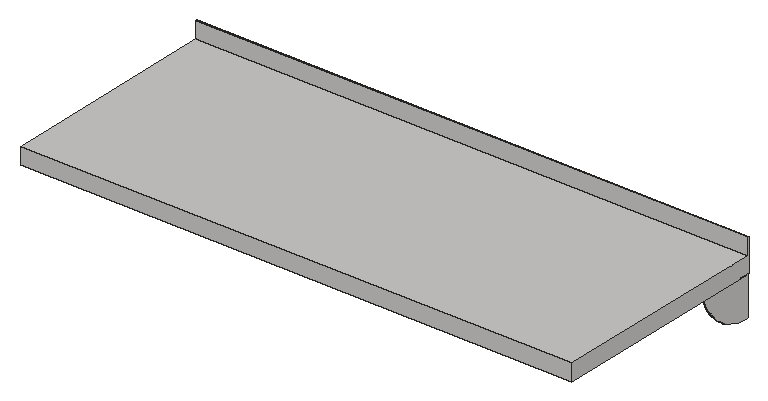
Revit family "QF_ZANUSSI_132823_WSS104N", category Attrezzature speciali, Revit 2020
Family settings
  Quota connettore circolare = Usa diametro
  Tipo di parte = Normale
  Basato su piano di lavoro = No
  Sempre verticale = Sì
  Taglio con vuoti quando caricato = No
  Condiviso = No
  Punto di calcolo locali = No
Parameters (values of type "Standard")
  Weight = 2.00 kg
  Watts = 0 W
  Volts = 0 V
  URL Manufacturer = "http://www.zanussiprofessional.com"
  URL = "http://www.zanussiprofessional.com"
  Steam Supply Size = 0 mm
  Steam Supply Minimum Pressure = 0.0 Pa
  Steam Supply Maximum Pressure = 0.0 Pa
  Steam Consumption per Hour = 0
  Refrigeration Suction Line Size = 0.0 mm
  Refrigeration Liquid Line Size = 0.0 mm
  Refrigerant Compressor Remote = yes
  Prospetto di default = 0.0 mm
  Produttore = "Zanussi"
  Phase = 0
  Modello = "WSS104N"
  Length Actual = 1000.0 mm  # constant formula
  Item Number = "132823"
  Hot Water Size = 0 mm
  Height Actual = 30.0 mm  # constant formula
  HP = "0 HP"
  Gas Size = 0 mm
  Gas KW = 0
  Gas Input Pressure = 0 W
  Direct Waste Size = 0 mm
  Descrizione = "SOLID WALL SHELF WITH BRACKETS 1000 MM"
  Depth Actual = 400.0 mm  # constant formula
  Cycle = 0 Hz
  Condensate Return Size = 0 mm
  Compressed Air Volume = 0.0 L/s
  Compressed Air Size = 0 mm
  Compressed Air Pressure = 0.0 Pa
  Cold Water Size = 0 mm
  Accessory = yes
Reference planes
  plane 1 "Center (Front/Back)": y = 0
  plane 2: z = 0
  plane 3 "Center (Left/Right)": x = 0
  plane 4 "LEFT": x = -500
  plane 5 "RIGHT": x = 500
  plane 6 "BACK": y = 50
  plane 7 "FRONT": y = -350
  plane 8 "TOP": z = 132
  plane 9: z = 102
  plane 10: z = 72
Forms (mm)
  Extrusion 1, solid, material "QF_Finishes_Stainless Steel"
    sketch origin (0, 0, 0) x (0, 1, 0) y (0, 0, 1)
      loop
        line (48, 102) -> (-350, 102) -> (-350, 72) -> (50, 72) -> (50, 132) -> (48, 132) -> (48, 102)
    from 500 to -500
  Extrusion 2, solid, material "QF_Finishes_Stainless Steel"
    sketch origin (-500, 0, 0) x (0, 1, 0) y (0, 0, 1)
      loop
        line (50, 72) -> (-50, 72)
        arc (-50, 72) -> (-13.401, 19.967) -> (47, 0) r 101.34
        line (47, 0) -> (50, 0) -> (50, 72)
    from 0 to 3
  Extrusion 3, solid, material "QF_Finishes_Stainless Steel"
    sketch origin (500, 0, 0) x (0, 1, 0) y (0, 0, 1)
      loop
        line (50, 72) -> (-50, 72)
        arc (-50, 72) -> (-13.401, 19.967) -> (47, 0) r 101.34
        line (47, 0) -> (50, 0) -> (50, 72)
    from 0 to -3
  Extrusion 4, solid, material "QF_Finishes_Stainless Steel"
    sketch origin (0, 50, 0) x (-1, 0, 0) y (0, 0, 1)
      loop
        line (497, 72) -> (470, 72) -> (470, 0) -> (497, 0) -> (497, 72)
      loop
        arc (478.5, 10) -> (475.5, 7) -> (478.5, 4) r 3
        line (478.5, 4) -> (488.5, 4)
        arc (488.5, 4) -> (491.5, 7) -> (488.5, 10) r 3
        line (488.5, 10) -> (478.5, 10)
    from 0 to -3
  Extrusion 5, solid, material "QF_Finishes_Stainless Steel"
    sketch origin (0, 50, 0) x (1, 0, 0) y (0, 0, -1)
      loop
        line (497, -72) -> (497, 0) -> (470, 0) -> (470, -72) -> (497, -72)
      loop
        line (478.5, -10) -> (488.5, -10)
        arc (488.5, -10) -> (491.5, -7) -> (488.5, -4) r 3
        line (488.5, -4) -> (478.5, -4)
        arc (478.5, -4) -> (475.5, -7) -> (478.5, -10) r 3
    from 0 to -3
Lines and regions (mm)
  symbolic lines
    curve 1: line (500, 50, 132) -> (-500, 50, 132)
    curve 2: line (-500, 50, 132) -> (-500, -350, 132)
    curve 3: line (-500, -350, 132) -> (500, -350, 132)
    curve 4: line (500, -350, 132) -> (500, 50, 132)
    curve 5: line (500, 48, 132) -> (-500, 48, 132)
Dimensions and locks
  plane 4 "LEFT" to plane 5 "RIGHT" = 1000.0 mm
  equal spacing: plane 4 "LEFT", plane 3 "Center (Left/Right)", plane 5 "RIGHT"
  locked: plane 8 "TOP" to level at 132
  plane 6 "BACK" to plane 7 "FRONT" = 400.0 mm
  plane 6 "BACK" to plane 1 "Center (Front/Back)" to plane 7 "FRONT" = 50.0 mm, 350.0 mm
  locked: plane 8 "TOP" to plane 9 at 30
  plane 9 to plane 10 = 30.0 mm
  locked: Extrusion 4 sketch curve to Extrusion 2 at 27
  aligned and locked: level to plane 2
  aligned and locked: Extrusion 1 to plane 4 "LEFT"
  aligned and locked: plane 5 "RIGHT" to Extrusion 1
  aligned and locked: curve 2 to plane 4 "LEFT"
  aligned and locked: Extrusion 1 sketch curve to plane 9
  aligned and locked: Extrusion 4 sketch curve to Extrusion 2
  aligned and locked: Extrusion 4 sketch curve to Extrusion 1
  aligned and locked: Extrusion 4 sketch curve to level
  aligned and locked: plane 6 "BACK" to Extrusion 3 sketch curve
  aligned and locked: Extrusion 3 sketch curve to plane 10
  aligned and locked: Extrusion 3 sketch curve to level
  aligned and locked: plane 6 "BACK" to Extrusion 2 sketch curve
  aligned and locked: Extrusion 2 sketch curve to plane 10
  aligned and locked: Extrusion 2 sketch curve to level
Automatic sketch dimensions
  Extrusion 1 sketch curve to plane 7 "FRONT" = 0.0 mm
  Extrusion 1 sketch curve to plane 8 "TOP" = 0.0 mm
  Extrusion 1 sketch curve to plane 6 "BACK" = 0.0 mm
  Extrusion 1 sketch curve to plane 10 = 0.0 mm
  Extrusion 1 sketch curve to plane 6 "BACK" = 2.0 mm
  Extrusion 2 sketch curve to Extrusion 2 sketch curve = 3.0 mm
  plane 1 "Center (Front/Back)" to Extrusion 2 sketch curve = 50.0 mm
  Extrusion 3 sketch curve to Extrusion 3 sketch curve = 3.0 mm
  plane 1 "Center (Front/Back)" to Extrusion 3 sketch curve = 50.0 mm
  Extrusion 4 sketch curve to Extrusion 4 sketch curve = 8.5 mm
  Extrusion 4 sketch curve to Extrusion 4 sketch curve = 10.0 mm
  level to Extrusion 4 sketch curve = 4.0 mm
  Extrusion 4 sketch curve to Extrusion 4 sketch curve = 3.0 mm
  curve 3 to plane 7 "FRONT" = 0.0 mm
  curve 5 to plane 5 "RIGHT" = 0.0 mm
  curve 4 to plane 6 "BACK" = 0.0 mm
  curve 5 to plane 6 "BACK" = 2.0 mm
  Extrusion 5 sketch curve to plane 10 = 0.0 mm
  Extrusion 5 sketch curve to level = 0.0 mm
  plane 5 "RIGHT" to Extrusion 5 sketch curve = 30.0 mm
  Extrusion 5 sketch curve to Extrusion 5 sketch curve = 8.5 mm
  Extrusion 5 sketch curve to Extrusion 5 sketch curve = 10.0 mm
  plane 5 "RIGHT" to Extrusion 5 sketch curve = 3.0 mm
  Extrusion 5 sketch curve to level = 4.0 mm
  Extrusion 5 sketch curve to Extrusion 5 sketch curve = 3.0 mm
